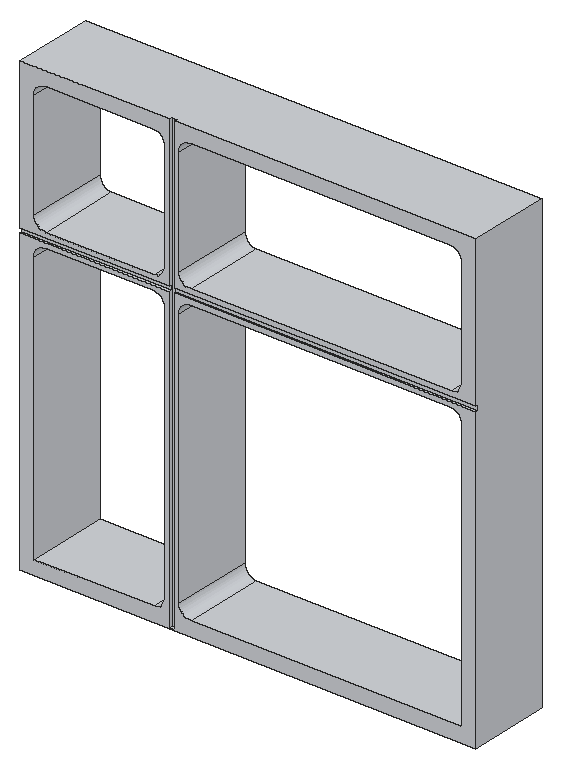
Revit family "Quadrado-b", category Modelos genéricos, Revit 2019
Family settings
  Pode hospedar o vergalhão = Não
  Cota do conector redondo = Utilizar diâmetro
  Tipo de parte = Normal
  Com base no plano de trabalho = Não
  Sempre na vertical = Sim
  Corte com vazios quando carregada = Não
  Compartilhado = Não
  Ponto de cálculo do ambiente = Não
Parameters
  t2 = 2 mm
  t1 = 12 mm
  Largura = 390 mm
  Espessura = 70 mm
  Material = none
Reference planes
  plane 1 "Centro (Frente/Trás)": y = 0
  plane 2: z = -0.5
  plane 3 "Centro (Esquerda/Direita)": x = 0
  plane 4: x = 390
  plane 5: z = 389.5
  plane 6: z = 259.5
  plane 7: z = 129.5
  plane 8: x = 130
  plane 9: x = 260
  plane 10: z = 377.5
  plane 11: z = 265.5
  plane 12: z = 253.5
  plane 13: z = 11.5
  plane 14: x = 12
  plane 15: x = 378
  plane 16: y = 35
  plane 17: y = -35
  plane 18: y = -33
  plane 19: x = 124
  plane 20: x = 136
  plane 21: x = 128
  plane 22: x = 132
  plane 23: z = 261.5
  plane 24: z = 257.5
Forms (mm)
  Extrusion 1, solid, material <- "Material"
    sketch origin (0, 0, 0) x (1, 0, 0) y (0, 0, 1)
      loop
        line (0, 389.5) -> (0, -0.5) -> (390, -0.5) -> (390, 389.5) -> (0, 389.5)
      loop
        arc (22, 377.5) -> (14.929, 374.571) -> (12, 367.5) r 10
        line (12, 367.5) -> (12, 275.5)
        arc (12, 275.5) -> (14.929, 268.429) -> (22, 265.5) r 10
        line (22, 265.5) -> (114, 265.5)
        arc (114, 265.5) -> (121.071, 268.429) -> (124, 275.5) r 10
        line (124, 275.5) -> (124, 367.5)
        arc (124, 367.5) -> (121.071, 374.571) -> (114, 377.5) r 10
        line (114, 377.5) -> (22, 377.5)
      loop
        line (12, 11.5) -> (114, 11.5)
        arc (114, 11.5) -> (121.071, 14.429) -> (124, 21.5) r 10
        line (124, 21.5) -> (124, 243.5)
        arc (124, 243.5) -> (121.071, 250.571) -> (114, 253.5) r 10
        line (114, 253.5) -> (22, 253.5)
        arc (22, 253.5) -> (14.929, 250.571) -> (12, 243.5) r 10
        line (12, 243.5) -> (12, 11.5)
      loop
        arc (378, 367.5) -> (375.071, 374.571) -> (368, 377.5) r 10
        line (368, 377.5) -> (146, 377.5)
        arc (146, 377.5) -> (138.929, 374.571) -> (136, 367.5) r 10
        line (136, 367.5) -> (136, 275.5)
        arc (136, 275.5) -> (138.929, 268.429) -> (146, 265.5) r 10
        line (146, 265.5) -> (368, 265.5)
        arc (368, 265.5) -> (375.071, 268.429) -> (378, 275.5) r 10
        line (378, 275.5) -> (378, 367.5)
      loop
        line (136, 243.5) -> (136, 21.5)
        arc (136, 21.5) -> (138.929, 14.429) -> (146, 11.5) r 10
        line (146, 11.5) -> (378, 11.5) -> (378, 243.5)
        arc (378, 243.5) -> (375.071, 250.571) -> (368, 253.5) r 10
        line (368, 253.5) -> (146, 253.5)
        arc (146, 253.5) -> (138.929, 250.571) -> (136, 243.5) r 10
    from -35 to 35
  Extrusion 2, void
    sketch origin (-130, 0, 0) x (1, 0, 0) y (0, 0, 1)
      loop
        line (258, 0) -> (262, 0) -> (262, 389.5) -> (258, 389.5) -> (258, 0)
    from 35 to 32.619
  Extrusion 3, void
    sketch origin (0, 0, 0) x (1, 0, 0) y (0, 0, 1)
      loop
        line (0, 261.5) -> (0, 257.5) -> (390, 257.5) -> (390, 261.5) -> (0, 261.5)
    from 33 to 35
Cuts and joins
  Extrusion 2, Extrusion 3 cuts Extrusion 1
Dimensions and locks
  "t1": plane 13 to plane 2
  "t1": plane 14 to plane 3 "Centro (Esquerda/Direita)"
  "t1": plane 5 to plane 10
  "t1": plane 4 to plane 15
  equal spacing: plane 16, plane 1 "Centro (Frente/Trás)", plane 17
  "Espessura": plane 16 to plane 17
  "t2": plane 18 to plane 17
  "Largura": plane 4 to plane 3 "Centro (Esquerda/Direita)"
  "Largura": plane 5 to plane 2
  "t1": plane 20 to plane 19
  equal spacing: plane 20, plane 8, plane 19
  "t2": plane 8 to plane 21
  "t2": plane 22 to plane 8
  equal spacing: plane 4, plane 9, plane 8, plane 3 "Centro (Esquerda/Direita)"
  equal spacing: plane 5, plane 6, plane 7, plane 2
  equal spacing: plane 11, plane 6, plane 12
  "t1": plane 11 to plane 12
  "t2": plane 23 to plane 6
  "t2": plane 6 to plane 24
  aligned and locked: Extrusion 1 sketch curve to plane 3 "Centro (Esquerda/Direita)"
  aligned and locked: Extrusion 1 sketch curve to plane 2
  aligned and locked: Extrusion 1 sketch curve to plane 4
  aligned and locked: Extrusion 1 sketch curve to plane 5
  aligned and locked: Extrusion 1 sketch curve to plane 10
  aligned and locked: Extrusion 1 sketch curve to plane 14  (x2)
  aligned and locked: Extrusion 1 sketch curve to plane 13
  aligned and locked: Extrusion 1 sketch curve to plane 15
  aligned and locked: plane 16 to Extrusion 1
  aligned and locked: Extrusion 1 to plane 17
  aligned and locked: Extrusion 2 sketch curve to level
  aligned and locked: Extrusion 2 sketch curve to plane 5
  aligned and locked: cut or joined group of Extrusion 1, Extrusion 2, Extrusion 3 to plane 17
  aligned and locked: Extrusion 1 to Extrusion 2
  aligned and locked: Extrusion 1 sketch curve to plane 19  (x2)
  aligned and locked: Extrusion 1 sketch curve to plane 20  (x2)
  aligned and locked: Extrusion 1 sketch curve to plane 11  (x2)
  aligned and locked: Extrusion 1 sketch curve to plane 12  (x2)
  aligned and locked: Extrusion 3 sketch curve to plane 23
  aligned and locked: plane 24 to Extrusion 3 sketch curve
  aligned and locked: Extrusion 3 sketch curve to plane 4
  aligned and locked: plane 3 "Centro (Esquerda/Direita)" to Extrusion 3 sketch curve
  aligned and locked: plane 18 to Extrusion 3
  aligned and locked: Extrusion 3 to plane 17
Automatic sketch dimensions
  Extrusion 2 sketch curve to plane 21 = 0 mm
  Extrusion 2 sketch curve to plane 22 = 0 mm
  Extrusion 1 sketch curve to plane 10 = 0 mm
  Extrusion 1 sketch curve to plane 13 = 0 mm
  Extrusion 1 sketch curve to plane 15 = 0 mm
  plane 14 to Extrusion 1 sketch curve = 10 mm  (x3)
  Extrusion 1 sketch curve to plane 19 = 10 mm  (x4)
  plane 20 to Extrusion 1 sketch curve = 10 mm  (x4)
  Extrusion 1 sketch curve to Extrusion 1 sketch curve = 10 mm
  Extrusion 1 sketch curve to plane 12 = 10 mm
  Extrusion 1 sketch curve to plane 10 = 10 mm
